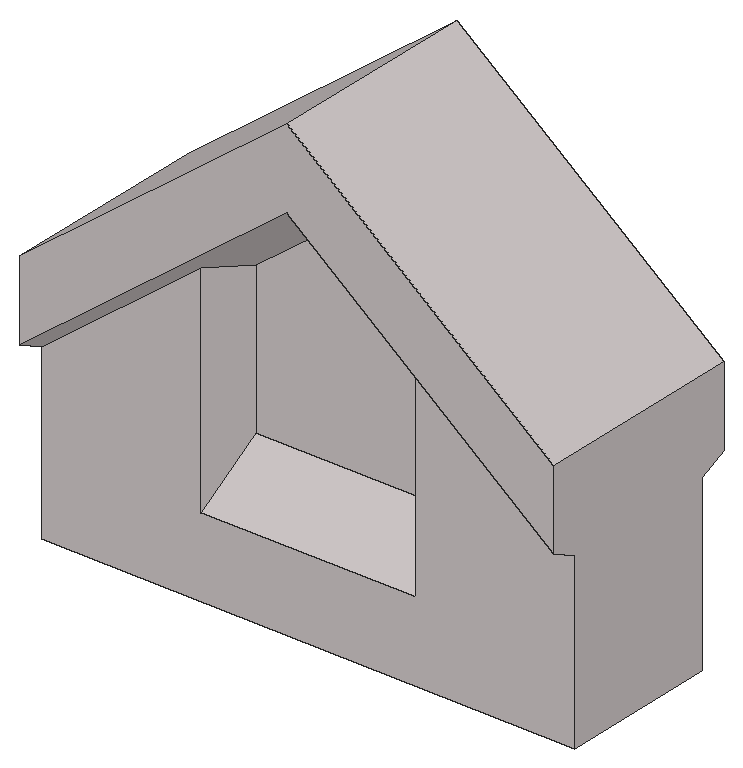
Revit family "4b912bb68b3d4c8599d853a5fd09add9", category Structural Framing, Revit 2021
Family settings
  Display in Hidden Views = Edges Hidden by Other Members
  Structural Framing Length Roundoff = 0' - 0"
  Section Shape = Not Defined
  Material for Model Behavior = Precast Concrete
  Always export as geometry = No
  OmniClass Number = 23.25.30.11.14.14
  OmniClass Title = Beams
  Seek Item ID = Precast-Girder I-Saddleback-Support Strengthened-0000-USA-ENU
  Always vertical = Yes
  Cut with Voids When Loaded = No
  Symbolic Representation = From Family
  Shared = No
  Show family pre-cut in plan views = Yes
Parameters (values of type "36"x20"x12"")
  Tie Rod Weight [instance] = 30
  Tie Rod W [instance] = (Tie Rod Weight) * 2.20313 kip / 1000  # 0.0660938 kip
  Structural Material [instance] = Concrete, Precast
  Single Rebar Weight [instance] = 50
  Single Rebar W [instance] = (Single Rebar Weight * 2.20313 kip) / 1000  # 0.110156 kip
  Rebar Grids Weight [instance] = 100
  Rebar Grids W [instance] = (Rebar Grids Weight * 2.20313 kip) / 1000  # 0.220313 kip
  Length 2 = 0' - 1"
  Length 1 = 1' - 0"
  D8 [instance] = 1' - 8.40168"
  D6 = 0' - 6"
  D5 = 0' - 4"
  D7 [instance] = 1' - 4.93515"
  D2 = 1' - 8"
  D4 = 0' - 3"
  D3 = 0' - 6"
  B3 = 0' - 4"
  B1 = 1' - 0"
  Assembly Code = "B10"
  Length [instance] = 5' - 0"
  B2 = 1' - 4"
  D1 = 3' - 0"
Types (3): name | Length 2 | Length 1 | D8 | D5 | D7 | D2 | D4 | D3 | B1 | B2 | D1
  (no name) | 0' - 1" | 1' - 0" | 1' - 8.40168" | 0' - 4" | 1' - 4.93515" | 1' - 8" | 0' - 3" | 0' - 6" | 1' - 0" | 1' - 4" | 3' - 0"
  36"x20"x12" | 0' - 1" | 1' - 0" | 1' - 8.40168" | 0' - 4" | 1' - 4.93515" | 1' - 8" | 0' - 3" | 0' - 6" | 1' - 0" | 1' - 4" | 3' - 0"
  48"x24"x16" | 0' - 6" | 0' - 10" | 2' - 2.0021" | 0' - 5" | 2' - 1.80336" | 2' - 0" | 0' - 4" | 0' - 5" | 1' - 4" | 2' - 0" | 4' - 0"
Reference planes (in)
  plane 1 "Center (Front/Back)": y = 0
  plane 2: z = 0
  plane 3 "Center (Left/Right)": x = 0.1815
  plane 4 "Member Left": x = -19.9287362
  plane 5 "Member Right": x = 20.3389803
  plane 6: y = 8
  plane 7: y = -8
  plane 8: z = 18
  plane 9 "Bottom": z = -18
  plane 10 "Left": x = -29.8185
  plane 11 "Right": x = 30.1815
  plane 12: y = 6
  plane 13: y = -6
  plane 14: x = -7.9287362
  plane 15: x = -6.9287362
  plane 16: x = 8.3389803
  plane 17: x = 7.3389803
  plane 18: x = 0.205122
  plane 19: z = 12
  plane 20: y = 2
  plane 21: y = -2
  plane 22: z = 9
  plane 23: z = 2
  plane 24: z = -4
  plane 25: z = -7
  plane 26: z = -8
  plane 27: z = -12
  plane 28: z = 8.9351536
  plane 29: z = 8.4016802
Forms (in)
  Blend 1, solid, material "Concrete, Precast" <- "Structural Material"
    base sketch origin (0.1815, 0, 0) x (0, 1, 0) y (0, 0, 1)
      loop
        line (8, 18) -> (-8, 18) -> (-8, 12) -> (-2, 9) -> (2, 9) -> (8, 12) -> (8, 18)
    top sketch origin (0.1815, 0, 0) x (0, 1, 0) y (0, 0, 1)
      loop
        line (8, 2) -> (-8, 2) -> (-8, -4) -> (-2, -7) -> (2, -7) -> (8, -4) -> (8, 2)
    from 0.023622 to 20.1574803
  Blend 2, solid, material "Concrete, Precast" <- "Structural Material"
    base sketch origin (16.9098465, 0, 0) x (0, 1, 0) y (0, 0, -1)
      loop
        line (8, -18) -> (8, -12) -> (2, -9) -> (-2, -9) -> (-8, -12) -> (-8, -18) -> (8, -18)
    top sketch origin (16.9098465, 0, 0) x (0, 1, 0) y (0, 0, -1)
      loop
        line (8, -2) -> (8, 4) -> (2, 7) -> (-2, 7) -> (-8, 4) -> (-8, -2) -> (8, -2)
    from 16.7047244 to 36.8385827
  Extrusion 3, solid, material "Concrete, Precast" <- "Structural Material"
    sketch origin (0.1815, 0, 0) x (0, 1, 0) y (0, 0, 1)
      loop
        line (6, -18) -> (6, -12) -> (2, -8) -> (-2, -8) -> (-6, -12) -> (-6, -18) -> (6, -18)
    from -20.1102362 to 20.1574803
  Blend 4, solid, material "Concrete, Precast" <- "Structural Material"
    base sketch origin (0.1815, 0, 0) x (0, 1, 0) y (0, 0, 1)
      loop
        line (6, -12) -> (6, 8.4016802) -> (-6, 8.4016802) -> (-6, -12) -> (6, -12)
    top sketch origin (0.1815, 0, 0) x (0, 1, 0) y (0, 0, 1)
      loop
        line (2, 8.9351536) -> (-2, 8.9351536) -> (-2, -8) -> (2, -8) -> (2, 8.9351536)
    from -8.1102362 to -7.1102362
  Blend 5, solid, material "Concrete, Precast" <- "Structural Material"
    base sketch origin (16.9098465, 0, 0) x (0, 1, 0) y (0, 0, -1)
      loop
        line (6, 12) -> (-6, 12) -> (-6, -8.4016802) -> (6, -8.4016802) -> (6, 12)
    top sketch origin (16.9098465, 0, 0) x (0, 1, 0) y (0, 0, -1)
      loop
        line (2, -8.9351536) -> (2, 8) -> (-2, 8) -> (-2, -8.9351536) -> (2, -8.9351536)
    from 8.5708661 to 9.5708661
  Blend 6, solid, material "Concrete, Precast" <- "Structural Material"
    base sketch origin (0.1815, 0, 0) x (0, 1, 0) y (0, 0, 1)
      loop
        line (2, 9) -> (-2, 9) -> (-2, -8) -> (2, -8) -> (2, 9)
    top sketch origin (0.1815, 0, 0) x (0, 1, 0) y (0, 0, 1)
      loop
        line (-2, -8) -> (2, -8) -> (2, 8.9351536) -> (-2, 8.9351536) -> (-2, -8)
    from 0.023622 to 7.1574803
  Blend 7, solid, material "Concrete, Precast" <- "Structural Material"
    base sketch origin (16.9098465, 0, 0) x (0, 1, 0) y (0, 0, -1)
      loop
        line (2, -9) -> (2, 8) -> (-2, 8) -> (-2, -9) -> (2, -9)
    top sketch origin (16.9098465, 0, 0) x (0, 1, 0) y (0, 0, -1)
      loop
        line (-2, 8) -> (-2, -8.9351536) -> (2, -8.9351536) -> (2, 8) -> (-2, 8)
    from 16.7047244 to 23.8385827
  Blend 8, solid, material "Concrete, Precast" <- "Structural Material"
    base sketch origin (0.1815, 0, 0) x (0, 1, 0) y (0, 0, 1)
      loop
        line (6, 8.4016802) -> (-6, 8.4016802) -> (-6, -12) -> (6, -12) -> (6, 8.4016802)
    top sketch origin (0.1815, 0, 0) x (0, 1, 0) y (0, 0, 1)
      loop
        line (6, -12) -> (6, 2) -> (-6, 2) -> (-6, -12) -> (6, -12)
    from 8.1574803 to 20.1574803
  Blend 9, solid, material "Concrete, Precast" <- "Structural Material"
    base sketch origin (16.9098465, 0, 0) x (0, 1, 0) y (0, 0, -1)
      loop
        line (6, -8.4016802) -> (6, 12) -> (-6, 12) -> (-6, -8.4016802) -> (6, -8.4016802)
    top sketch origin (16.9098465, 0, 0) x (0, 1, 0) y (0, 0, -1)
      loop
        line (6, 12) -> (-6, 12) -> (-6, -2) -> (6, -2) -> (6, 12)
    from 24.8385827 to 36.8385827
Cuts and joins
  joined: Blend 1, Blend 2, Extrusion 3, Blend 4, Blend 5, Blend 6, Blend 7, Blend 8, Blend 9
Dimensions and locks (in)
  "B2": plane 6 to plane 7
  equal spacing: plane 9 "Bottom", plane 2, plane 8
  equal spacing: plane 6, plane 1 "Center (Front/Back)", plane 7
  "D1": plane 9 "Bottom" to plane 8
  "Length": plane 10 "Left" to plane 11 "Right"
  "B1": plane 12 to plane 13
  equal spacing: plane 12, plane 1 "Center (Front/Back)", plane 13
  "Length 2": plane 14 to plane 15
  "Length 2": plane 17 to plane 16
  equal spacing: plane 15, plane 18, plane 17
  equal spacing: plane 20, plane 1 "Center (Front/Back)", plane 21
  "B3": plane 20 to plane 21
  "D3": plane 8 to plane 19
  "D4": plane 19 to plane 22
  "D2": plane 9 "Bottom" to plane 23
  "D4": plane 24 to plane 25
  "D3": plane 23 to plane 24
  "D6": plane 9 "Bottom" to plane 27
  "D5": plane 27 to plane 26
  "D7": plane 26 to plane 28
  "D8": plane 27 to plane 29
  "Length 1": plane 4 "Member Left" to plane 14
  "Length 1": plane 16 to plane 5 "Member Right"
  aligned and locked: plane 8 to Blend 1 sketch curve
  aligned and locked: plane 7 to Blend 1 sketch curve  (x2)
  aligned and locked: Blend 1 sketch curve to plane 6  (x2)
  aligned and locked: plane 22 to Blend 1 sketch curve
  aligned and locked: plane 19 to Blend 1 sketch curve  (x2)
  aligned and locked: plane 21 to Blend 1 sketch curve
  aligned and locked: plane 20 to Blend 1 sketch curve  (x2)
  aligned and locked: Blend 1 sketch curve to plane 23
  aligned and locked: plane 25 to Blend 1 sketch curve
  aligned and locked: plane 24 to Blend 1 sketch curve  (x2)
  aligned and locked: Blend 1 sketch curve to plane 21
  aligned and locked: Blend 1 to plane 18
  aligned and locked: plane 7 to Blend 2 sketch curve  (x2)
  aligned and locked: plane 8 to Blend 2 sketch curve
  aligned and locked: Blend 2 sketch curve to plane 6  (x2)
  aligned and locked: plane 22 to Blend 2 sketch curve
  aligned and locked: plane 19 to Blend 2 sketch curve  (x2)
  aligned and locked: plane 20 to Blend 2 sketch curve  (x2)
  aligned and locked: Blend 2 sketch curve to plane 23
  aligned and locked: plane 25 to Blend 2 sketch curve
  aligned and locked: plane 24 to Blend 2 sketch curve  (x2)
  aligned and locked: Blend 2 sketch curve to plane 21
  aligned and locked: plane 18 to Blend 2
  aligned and locked: Extrusion 3 sketch curve to plane 26
  aligned and locked: plane 9 "Bottom" to Extrusion 3 sketch curve
  aligned and locked: plane 27 to Extrusion 3 sketch curve  (x2)
  aligned and locked: plane 20 to Extrusion 3 sketch curve
  aligned and locked: Extrusion 3 sketch curve to plane 21
  aligned and locked: plane 20 to Blend 4 sketch curve
  aligned and locked: Blend 4 sketch curve to plane 28
  aligned and locked: plane 26 to Blend 4 sketch curve
  aligned and locked: Blend 4 sketch curve to Extrusion 3
  aligned and locked: plane 15 to Blend 4
  aligned and locked: plane 17 to Blend 5
  aligned and locked: plane 27 to Blend 5 sketch curve
  aligned and locked: plane 28 to Blend 5 sketch curve
  aligned and locked: Blend 5 sketch curve to plane 26
  aligned and locked: Blend 5 sketch curve to plane 20
  aligned and locked: Blend 5 sketch curve to plane 21
  aligned and locked: Blend 4 to plane 14
  aligned and locked: Blend 5 to plane 16
  aligned and locked: plane 20 to Blend 6 sketch curve
  aligned and locked: plane 22 to Blend 6 sketch curve
  aligned and locked: plane 26 to Blend 6 sketch curve  (x2)
  aligned and locked: Blend 6 sketch curve to Extrusion 3
  aligned and locked: var sketch to Blend 6 sketch curve
  aligned and locked: plane 28 to Blend 6 sketch curve
  aligned and locked: Blend 6 sketch curve to plane 20
  aligned and locked: Blend 6 to plane 17
  aligned and locked: Blend 6 to plane 18
  aligned and locked: Blend 7 sketch curve to var sketch
  aligned and locked: plane 18 to Blend 7
  aligned and locked: Blend 7 to plane 15
  aligned and locked: Blend 7 sketch curve to plane 21  (x2)
  aligned and locked: Blend 7 sketch curve to plane 22
  aligned and locked: Blend 7 sketch curve to plane 20  (x2)
  aligned and locked: Blend 7 sketch curve to plane 26  (x2)
  aligned and locked: plane 28 to Blend 7 sketch curve
  aligned and locked: plane 29 to Blend 8 sketch curve
  aligned and locked: Blend 8 sketch curve to plane 27
  aligned and locked: Blend 8 sketch curve to var sketch
  aligned and locked: Blend 1 to Blend 8 sketch curve
  aligned and locked: plane 16 to Blend 8
  aligned and locked: Blend 5 sketch curve to plane 29
  aligned and locked: Blend 9 sketch curve to var sketch
  aligned and locked: plane 14 to Blend 9
  aligned and locked: plane 29 to Blend 9 sketch curve
  aligned and locked: Blend 9 sketch curve to plane 27
  aligned and locked: plane 23 to Blend 9 sketch curve
  aligned and locked: Blend 4 sketch curve to plane 29
  aligned and locked: Extrusion 3 sketch curve to plane 12
  aligned and locked: Extrusion 3 sketch curve to plane 13
  aligned and locked: plane 13 to Extrusion 3 sketch curve
  aligned and locked: plane 13 to Blend 8 sketch curve
  aligned and locked: Blend 8 sketch curve to plane 12
  aligned and locked: plane 12 to Blend 8 sketch curve
  aligned and locked: Blend 8 sketch curve to plane 13
  aligned and locked: Blend 9 sketch curve to plane 13
  aligned and locked: plane 12 to Blend 9 sketch curve
  aligned and locked: Blend 9 sketch curve to plane 12
  aligned and locked: plane 13 to Blend 9 sketch curve
  aligned and locked: plane 13 to Blend 4 sketch curve
  aligned and locked: Blend 4 sketch curve to plane 12
  aligned and locked: plane 27 to Blend 4 sketch curve
  aligned and locked: plane 13 to Blend 5 sketch curve
  aligned and locked: Blend 5 sketch curve to plane 12
  aligned and locked: plane 2 to level
  aligned and locked: plane 21 to Blend 2 sketch curve
  aligned and locked: plane 4 "Member Left" to Extrusion 3
  aligned and locked: Extrusion 3 to plane 5 "Member Right"
  aligned and locked: plane 4 "Member Left" to Blend 9
  aligned and locked: Blend 8 to plane 5 "Member Right"
  aligned and locked: Blend 1 to plane 5 "Member Right"
  aligned and locked: plane 4 "Member Left" to Blend 2
